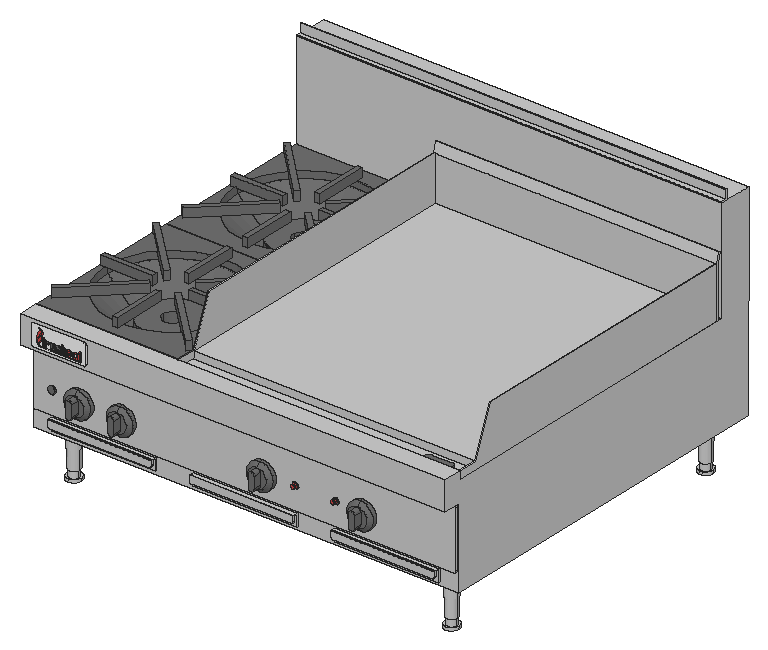
Revit family "QF_COMCATER ALL BRANDS_RCT9-2-6G", category Specialty Equipment, Revit 2014
Parameters (values of type "RCT9-2-6G_Natural Gas")
  URL Cutsheet = ""
  URL = ""
  Type Comments = "The Australian owned and designed* Trueheat RC Series of Gas Cooking Equipment has been developed for the restaurant and cafe market with a high quality finish, designed to fulfill the busy demands within a commercial kitchen.\r\nPowerful 24MJ/hr open burners with individual standing pilots included.\r\n100% Flame failure controls included as standard. Matt finish Euro look cast iron trivets radiate heat and design makes it easy to move pots around the surface.\r\n16mm thick steel griddle plate with 16.5MJ/hr burner per 300mm section.\r\nNote: Griddle is convertible to left hand side. Additional charges apply."
  Status [instance] = ""
  Specification by User [instance] = ""
  Specification by Manufacturer [instance] = ""
  Seismic Rating = ""
  SMACNA No = ""
  Revision Code [instance] = ""
  Nominal Gas power = 19300 W
  NAFEM Spec ID Number = ""
  Model = "RCT9-2-6G"
  Mechanical Connection Type [instance] = " "
  Masterspec = ""
  Manufacturer = "TRUEHEAT"
  Length Actual = 900 mm
  Item Number [instance] = ""
  Installed By [instance] = ""
  Identify Quantity as Lot [instance] = no
  Height Actual = 455 mm
  Gas power kW = 19.3
  Gas Size Flexible = 0 mm
  Gas Size = 19.05 mm
  Gas RI Height [instance] = 0 mm
  Gas Flow = 0.0 L/s
  Gas Connection Height [instance] = 121 mm
  Furnished By [instance] = ""
  Foodservice Equipment Identifier [instance] = yes
  Description = "2 BURNER COMBINATION MODULAR TOP"
  Depth Actual = 803 mm
  CSI MasterFormat = ""
  BTUH = 19300 W
  Assembly Code = "E1090320"
  Accessory = no
Types (2): name
  RCT9-2-6G_Natural Gas
  RCT9-2-6G_LPG
Reference planes
  plane 1 "Center (Front/Back)": y = 0
  plane 2: z = 0
  plane 3 "Center (Left/Right)": x = 0
Forms (mm)
  Extrusion 1, solid
    sketch origin (96, 0, 121) x (1, 0, 0) y (0, 1, 0)
      loop
        line (0, 0) -> (2, 0) -> (2, 2) -> (0, 2) -> (0, 0)
    from 0 to 2
Dimensions and locks
  aligned and locked: level to plane 2
Nested families
  nested 1: "QF_COMCATER ALL BRANDS_RCT9-2-6G_Natural Gas" at (0, 0, 100), type "RCT9-2-6G_Natural Gas"
    with Show Logo yes, Show Clearance yes
  nested 2: "QF_COMCATER_B05002-900" at (0, 0, 0), type "B05002-900"
    with Show Logo yes, Show Clearance yes
Connectors
  piping at (97, 2, 122), diameter 19.05, driven by "Gas Size", driven by "Gas Flow"
    settings: on Extrusion 1, index 1, connector inside diameter 609.6 mm, connector length 0 mm, flow factor 0, pipe flow 0.0 L/s, pressure drop 0.0 Pa, fitting loss kfactor 0, connector angle 0.00°, fixture units 0, engagement length 0 mm, angle of deflection 0.00°, flow configuration 1, flow direction 1, fitting loss method 0, system type 22, joint type 0, gender type 0, connector reference index -1, connector utility 0, adjustable connector no, is connector primary yes, connector description "Gas connection for 'RCT9-2-6G'"
Definition of nested family "QF_COMCATER ALL BRANDS_RCT9-2-6G_Natural Gas"
  Parameters (values of type "RCT9-2-6G_Natural Gas")
    URL = "www.comcater.com.au"
    Show Logo [instance] = yes
    Show Clearance [instance] = yes
    Model = "RCT9-2-6G"
    Manufacturer = "TRUEHEAT"
    Description = "2 BURNER COMBINATION MODULAR TOP"
    Assembly Code = "E1090320"
  Reference planes
    plane 1 "Back": y = 0
    plane 2: z = 0
    plane 3 "Left": x = 0
    plane 4 "Right": x = 900
    plane 5 "Front": y = -803
    plane 6 "Top": z = 455
  Forms (mm)
    Extrusion 1, solid
      sketch origin (0, 0, 2.5) x (0, 1, 0) y (0, 0, 1)
        loop
          line (0, 432.5) -> (-70, 432.5) -> (-70, 212.5) -> (-762.176, 212.5) -> (-762.176, 227.5) -> (-803, 227.5) -> (-803, 167.5) -> (-768, 167.5) -> (-768, -2.5) -> (0, -2.5) -> (0, 432.5)
      from 0 to 900
    Extrusion 2, solid
      sketch origin (-302.618, -768, 2.5) x (1, 0, 0) y (0, 0, 1)
        loop
          line (305.118, 160.5) -> (305.118, 40)
          arc (305.118, 40) -> (306.583, 36.464) -> (310.118, 35) r 5
          line (310.118, 35) -> (1195.118, 35)
          arc (1195.118, 35) -> (1198.654, 36.464) -> (1200.118, 40) r 5
          line (1200.118, 40) -> (1200.118, 160.5)
          arc (1200.118, 160.5) -> (1198.654, 164.036) -> (1195.118, 165.5) r 5
          line (1195.118, 165.5) -> (310.118, 165.5)
          arc (310.118, 165.5) -> (306.583, 164.036) -> (305.118, 160.5) r 5
      from 0 to 3
    Extrusion 3, solid, visible <- "Show Logo"
      sketch origin (30, -802.5, 9.763) x (1, 0, 0) y (0, 0, 1)
        loop
          line (98.5, 191.841) -> (96.5, 191.841) -> (96.5, 189.798) -> (95.026, 189.798) -> (95.026, 187.798) -> (96.5, 187.798) -> (96.5, 175.237) -> (98.5, 175.237) -> (98.5, 187.798) -> (100, 187.798) -> (100, 189.798) -> (98.5, 189.798) -> (98.5, 191.841)
        loop
          line (94, 187.798) -> (92, 187.798) -> (92, 186.56)
          arc (92, 186.56) -> (81.976, 181.518) -> (92, 176.475) r 6.28
          line (92, 176.475) -> (92, 175.237) -> (94, 175.237) -> (94, 187.798)
        loop
          arc (92, 183.592) -> (83.976, 181.518) -> (92, 179.443) r 4.28
          line (92, 179.443) -> (92, 183.592)
        loop
          line (65.446, 184.298) -> (65.446, 175.237) -> (67.446, 175.237) -> (67.446, 184.729)
          arc (67.446, 184.729) -> (64.497, 187.542) -> (60.446, 187.101) r 4.833
          line (60.446, 187.101) -> (60.446, 191.841) -> (58.446, 191.841) -> (58.446, 175.237) -> (60.446, 175.237) -> (60.446, 184.298)
          arc (60.446, 184.298) -> (62.946, 185.798) -> (65.446, 184.298) r 2.833
        loop
          arc (80.998, 181.518) -> (69.107, 184.34) -> (78.461, 176.475) r 6.28
          line (78.461, 176.475) -> (77.269, 178.081)
          arc (77.269, 178.081) -> (72.794, 177.694) -> (70.437, 181.518) r 4.28
          line (70.437, 181.518) -> (80.998, 181.518)
        loop
          arc (78.502, 183.518) -> (74.717, 185.798) -> (70.933, 183.518) r 4.28
          line (70.933, 183.518) -> (78.502, 183.518)
      from 0 to 2
    Extrusion 4, solid, visible <- "Show Logo"
      sketch origin (14.146, -802.5, 9.763) x (1, 0, 0) y (0, 0, 1)
        loop
          arc (70.804, 183.518) -> (67.02, 185.798) -> (63.236, 183.518) r 4.28
          line (63.236, 183.518) -> (70.804, 183.518)
        loop
          arc (73.3, 181.518) -> (61.409, 184.34) -> (70.764, 176.475) r 6.28
          line (70.764, 176.475) -> (69.572, 178.081)
          arc (69.572, 178.081) -> (65.096, 177.694) -> (62.74, 181.518) r 4.28
          line (62.74, 181.518) -> (73.3, 181.518)
        loop
          line (34.617, 191.841) -> (34.617, 189.798) -> (33.143, 189.798) -> (33.143, 187.798) -> (34.617, 187.798) -> (34.617, 175.237) -> (36.617, 175.237) -> (36.617, 187.798) -> (38.117, 187.798) -> (38.117, 189.798) -> (36.617, 189.798) -> (36.617, 191.841) -> (34.617, 191.841)
        loop
          arc (57.696, 178.737) -> (55.196, 177.237) -> (52.696, 178.737) r 2.833
          line (52.696, 178.737) -> (52.696, 187.798) -> (50.696, 187.798) -> (50.696, 178.307)
          arc (50.696, 178.307) -> (55.196, 175.237) -> (59.696, 178.307) r 4.833
          line (59.696, 178.307) -> (59.696, 187.798) -> (57.696, 187.798) -> (57.696, 178.737)
        loop
          line (41.117, 186.56) -> (41.117, 187.798) -> (39.117, 187.798) -> (39.117, 175.237) -> (41.117, 175.237) -> (41.117, 183.592)
          arc (41.117, 183.592) -> (44.587, 185.789) -> (48.31, 184.053) r 4.28
          line (48.31, 184.053) -> (49.735, 185.478)
          arc (49.735, 185.478) -> (45.643, 187.749) -> (41.117, 186.56) r 6.28
      from 0 to 2
    Extrusion 5, solid, visible <- "Show Logo"
      sketch origin (0, -802.5, 7.5) x (1, 0, 0) y (0, 0, 1)
        loop
          line (130, 176.5) -> (40, 176.5) -> (40, 175.5) -> (130, 175.5) -> (130, 176.5)
        loop
          arc (40, 177.5) -> (40.603, 181.061) -> (42.43, 184.177) r 10.013
          arc (42.43, 184.177) -> (44.457, 187.03) -> (45.914, 190.212) r 18.627
          arc (45.914, 190.212) -> (46.43, 193.956) -> (45.458, 197.608) r 9.58
          arc (45.458, 197.608) -> (44.352, 194.23) -> (41.979, 191.583) r 8.629
          arc (41.979, 191.583) -> (38.017, 184.959) -> (40, 177.5) r 9.924
        loop
          arc (39.054, 199.801) -> (35.351, 191.043) -> (36.701, 181.631) r 17.746
          arc (36.701, 181.631) -> (36.715, 187.191) -> (39.483, 192.014) r 10.848
          arc (39.483, 192.014) -> (42.461, 196.051) -> (44.165, 200.77) r 17.413
          arc (44.165, 200.77) -> (46.042, 199.588) -> (47.328, 197.781) r 5.718
          arc (47.328, 197.781) -> (46.772, 205.563) -> (40.995, 210.808) r 10.489
          arc (40.995, 210.808) -> (41.42, 205.059) -> (39.054, 199.801) r 11.727
      from 0 to 2
    Extrusion 6, solid, visible <- "Show Logo"
      sketch origin (0, -802, 7.5) x (1, 0, 0) y (0, 0, 1)
        loop
          line (29.373, 170.5) -> (135, 170.5)
          arc (135, 170.5) -> (138.536, 171.964) -> (140, 175.5) r 5
          line (140, 175.5) -> (140, 210.808)
          arc (140, 210.808) -> (138.536, 214.344) -> (135, 215.808) r 5
          line (135, 215.808) -> (29.373, 215.808)
          arc (29.373, 215.808) -> (25.837, 214.344) -> (24.373, 210.808) r 5
          line (24.373, 210.808) -> (24.373, 175.5)
          arc (24.373, 175.5) -> (25.837, 171.964) -> (29.373, 170.5) r 5
      from 0 to 2
    Extrusion 7, solid
      sketch origin (-3358.827, -656.5, -667.68) x (1, 0, 0) y (0, 1, 0)
        loop
          line (3503.813, 452.102) -> (3513.813, 452.102) -> (3513.813, 565.456) -> (3503.813, 565.456) -> (3503.813, 452.102)
        loop
          line (3546.914, 419) -> (3546.914, 409) -> (3656.627, 409) -> (3656.627, 419) -> (3546.914, 419)
        loop
          line (3470.712, 419) -> (3360.999, 419) -> (3360.999, 409) -> (3470.712, 409) -> (3470.712, 419)
        loop
          line (3474.8, 433.871) -> (3481.872, 440.942) -> (3367.316, 555.497) -> (3360.245, 548.426) -> (3474.8, 433.871)
        loop
          line (3535.755, 440.942) -> (3542.826, 433.871) -> (3657.381, 548.426) -> (3650.31, 555.497) -> (3535.755, 440.942)
        loop
          line (3503.813, 375.899) -> (3503.813, 262.545) -> (3513.813, 262.545) -> (3513.813, 375.899) -> (3503.813, 375.899)
        loop
          line (3474.8, 394.13) -> (3360.245, 279.574) -> (3367.316, 272.503) -> (3481.872, 387.059) -> (3474.8, 394.13)
        loop
          line (3535.755, 387.059) -> (3650.31, 272.503) -> (3657.381, 279.574) -> (3542.826, 394.13) -> (3535.755, 387.059)
      from 897.68 to 916.73
    Extrusion 8, solid
      sketch origin (-3358.827, -656.5, -662.976) x (1, 0, 0) y (0, 1, 0)
        loop
          line (3658.827, 586.5) -> (3358.827, 586.5) -> (3358.827, 241.5) -> (3658.827, 241.5) -> (3658.827, 586.5)
        loop
          circle (3508.813, 414.196) r 139
      from 877.976 to 892.976
    Revolve 9, solid
      sketch origin (196.557, 8, -489.263) x (0, 1, 0) y (0, 0, -1)
        loop
          line (-786.003, -575.513) -> (-786.003, -547.176) -> (-793.012, -547.176) -> (-801, -555.163) -> (-801, -575.513) -> (-786.003, -575.513)
        axis (-786.003, -575.513) -> (-801, -575.513)
      angle from 0 to 360
    Extrusion 10, solid
      sketch origin (569.238, -780, -1413.928) x (0.707107, 0, -0.707107) y (-0.707107, 0, -0.707107)
        loop
          line (-1328.297, -810.227) -> (-1311.344, -793.275)
          arc (-1311.344, -793.275) -> (-1311.344, -784.294) -> (-1320.325, -784.294) r 6.35
          line (-1320.325, -784.294) -> (-1337.277, -801.247)
          arc (-1337.277, -801.247) -> (-1337.277, -810.227) -> (-1328.297, -810.227) r 6.35
      from -13 to -28
    Revolve 11, solid
      sketch origin (106.557, 8, -489.263) x (0, 1, 0) y (0, 0, -1)
        loop
          line (-786.003, -575.513) -> (-786.003, -547.176) -> (-793.012, -547.176) -> (-801, -555.163) -> (-801, -575.513) -> (-786.003, -575.513)
        axis (-786.003, -575.513) -> (-801, -575.513)
      angle from 0 to 360
    Extrusion 12, solid
      sketch origin (479.238, -780, -1413.928) x (0.707107, 0, -0.707107) y (-0.707107, 0, -0.707107)
        loop
          line (-1328.297, -810.227) -> (-1311.344, -793.275)
          arc (-1311.344, -793.275) -> (-1311.344, -784.294) -> (-1320.325, -784.294) r 6.35
          line (-1320.325, -784.294) -> (-1337.277, -801.247)
          arc (-1337.277, -801.247) -> (-1337.277, -810.227) -> (-1328.297, -810.227) r 6.35
      from -13 to -28
    Extrusion 13, solid
      sketch origin (-3358.827, -173.5, -667.68) x (1, 0, 0) y (0, 1, 0)
        loop
          line (3503.813, -452.102) -> (3503.813, -565.456) -> (3513.813, -565.456) -> (3513.813, -452.102) -> (3503.813, -452.102)
        loop
          line (3546.914, -419) -> (3656.627, -419) -> (3656.627, -409) -> (3546.914, -409) -> (3546.914, -419)
        loop
          line (3470.712, -419) -> (3470.712, -409) -> (3360.999, -409) -> (3360.999, -419) -> (3470.712, -419)
        loop
          line (3474.8, -433.871) -> (3360.245, -548.426) -> (3367.316, -555.497) -> (3481.872, -440.942) -> (3474.8, -433.871)
        loop
          line (3535.755, -440.942) -> (3650.31, -555.497) -> (3657.381, -548.426) -> (3542.826, -433.871) -> (3535.755, -440.942)
        loop
          line (3503.813, -375.899) -> (3513.813, -375.899) -> (3513.813, -262.545) -> (3503.813, -262.545) -> (3503.813, -375.899)
        loop
          line (3474.8, -394.13) -> (3481.872, -387.059) -> (3367.316, -272.503) -> (3360.245, -279.574) -> (3474.8, -394.13)
        loop
          line (3535.755, -387.059) -> (3542.826, -394.13) -> (3657.381, -279.574) -> (3650.31, -272.503) -> (3535.755, -387.059)
      from 897.68 to 916.73
    Extrusion 14, solid
      sketch origin (-3358.827, -173.5, -662.976) x (1, 0, 0) y (0, 1, 0)
        loop
          line (3658.827, -586.5) -> (3658.827, -241.5) -> (3358.827, -241.5) -> (3358.827, -586.5) -> (3658.827, -586.5)
        loop
          circle (3508.813, -414.196) r 139
      from 877.976 to 892.976
    Extrusion 15, solid
      sketch origin (-1.781, -5, -680) x (1, 0, 0) y (0, 0, 1)
        loop
          circle (108.338, 766.25) r 8
      from 766 to 773.003
    Extrusion 16, solid
      sketch origin (88.219, -5, -680) x (1, 0, 0) y (0, 0, 1)
        loop
          circle (108.338, 766.25) r 8
      from 766 to 773.003
    Extrusion 17, solid
      sketch origin (182.5, -778, 2.5) x (-1, 0, 0) y (0, 0, -1)
        loop
          line (-77.5, -20) -> (-77.5, -30) -> (142.5, -30) -> (142.5, -20)
          arc (142.5, -20) -> (141.036, -16.464) -> (137.5, -15) r 5
          line (137.5, -15) -> (-72.5, -15)
          arc (-72.5, -15) -> (-76.036, -16.464) -> (-77.5, -20) r 5
      from 0 to 2
    Extrusion 18, solid
      sketch origin (182.5, -2, 2.5) x (0, 1, 0) y (0, 0, -1)
        loop
          line (-776, -30) -> (-766, -30) -> (-766, -4.971) -> (-768.029, -4.971) -> (-768.029, -27.971) -> (-776, -27.971) -> (-776, -30)
      from -77.5 to 142.5
    Extrusion 19, solid, visible <- "Show Clearance", detail levels coarse
      sketch origin (25, -2, -680) x (0, 1, 0) y (0, 0, 1)
        loop
          line (-768.029, 687.471) -> (-768.029, 712.5) -> (-1199, 712.5) -> (-1199, 687.471) -> (-768.029, 687.471)
      from 15 to 235
    Blend 20, void
      base sketch origin (-302.618, 0, -35) x (1, 0, 0) y (0, 1, 0)
        loop
          circle (451.186, -242.304) r 70
      top sketch origin (-302.618, 0, 0) x (1, 0, 0) y (0, 1, 0)
        loop
          circle (451.186, -242.304) r 140
      from 185 to 215
    Blend 21, void
      base sketch origin (-302.618, -345.392, -35) x (1, 0, 0) y (0, 1, 0)
        loop
          circle (451.186, -242.304) r 70
      top sketch origin (-302.618, -345.392, 0) x (1, 0, 0) y (0, 1, 0)
        loop
          circle (451.186, -242.304) r 140
      from 185 to 215
    Extrusion 22, solid
      sketch origin (-301.2, 0, 150) x (1, 0, 0) y (0, 1, 0)
        loop
          circle (451.186, -242.304) r 65
        loop
          circle (451.186, -242.304) r 20
      from 0 to 30
    Extrusion 23, solid
      sketch origin (-301.2, -345, 150) x (1, 0, 0) y (0, 1, 0)
        loop
          circle (451.186, -242.304) r 65
        loop
          circle (451.186, -242.304) r 20
      from 0 to 30
    Extrusion 24, solid
      sketch origin (0, -23, 0) x (0, 1, 0) y (0, 0, 1)
        loop
          line (-47, 435) -> (-35, 435) -> (-35, 455) -> (-37, 455) -> (-37, 437) -> (-47, 437) -> (-47, 435)
      from 0 to 900
    Extrusion 25, solid
      sketch origin (96, 10, -828) x (1, 0, 0) y (0, 0, 1)
        loop
          circle (0, 850) r 9.3
      from 0 to 10
    Extrusion 26, solid
      sketch origin (0, -771, -680) x (1, 0, 0) y (0, 0, 1)
        loop
          circle (42.5, 766.25) r 7.5
      from 0 to 2
    Sweep 27, solid
      path origin (-301.2, 0, -680) x (1, 0, 0) y (0, 1, 0)
        loop
          circle (451.186, -587.5) r 139
      profile origin (149.986, -448.5, -680) x (0, -1, 0) y (0, 0, 1)
        loop
          line (-0.987, 895) -> (69.013, 830) -> (70.013, 830) -> (71.013, 830) -> (1.013, 895) -> (-0.987, 895)
    Sweep 28, solid
      path origin (-301.2, 345.392, -680) x (1, 0, 0) y (0, 1, 0)
        loop
          circle (451.186, -587.5) r 139
      profile origin (149.986, -103.108, -680) x (0, -1, 0) y (0, 0, 1)
        loop
          line (-0.987, 895) -> (69.013, 830) -> (70.013, 830) -> (71.013, 830) -> (1.013, 895) -> (-0.987, 895)
    Extrusion 29, solid, visible <- "Show Clearance", detail levels coarse
      sketch origin (0, 0, 0) x (1, 0, 0) y (0, 1, 0)
        loop
          line (1050, 150) -> (-150, 150) -> (-150, -803) -> (0, -803) -> (0, 0) -> (900, 0) -> (900, -803) -> (1050, -803) -> (1050, 150)
      from 0 to 455
    Extrusion 30, solid
      sketch origin (300, 0, 2.5) x (0, 1, 0) y (0, 0, 1)
        loop
          line (-77.071, 341.25) -> (-82.176, 322.195) -> (-82.176, 212.5) -> (-80.176, 212.5) -> (-80.176, 321.931) -> (-75, 341.25) -> (-77.071, 341.25)
      from 0 to 600
    Extrusion 31, solid
      sketch origin (300, 0, 2.5) x (0, 1, 0) y (0, 0, 1)
        loop
          line (-82.176, 322.195) -> (-682.176, 322.195) -> (-722.176, 227.5) -> (-762.176, 227.5) -> (-762.176, 212.5) -> (-82.176, 212.5) -> (-82.176, 322.195)
      from 0 to 2
    Extrusion 32, solid
      sketch origin (898, 0, 2.5) x (0, 1, 0) y (0, 0, 1)
        loop
          line (-82.176, 322.195) -> (-682.176, 322.195) -> (-722.176, 227.5) -> (-762.176, 227.5) -> (-762.176, 212.5) -> (-82.176, 212.5) -> (-82.176, 322.195)
      from 0 to 2
    Extrusion 33, solid
      sketch origin (295.5, -360, -12.5) x (1, 0, 0) y (0, 0, 1)
        loop
          line (6.5, 227.5) -> (602.5, 227.5) -> (602.5, 242.5) -> (6.5, 242.5) -> (6.5, 227.5)
      from -277.824 to 362.176
    Extrusion 34, solid
      sketch origin (480.5, 20, 215) x (1, 0, 0) y (0, 1, 0)
        loop
          line (377.5, -752.176) -> (337.5, -752.176)
          arc (337.5, -752.176) -> (327.5, -762.176) -> (337.5, -772.176) r 10
          line (337.5, -772.176) -> (377.5, -772.176)
          arc (377.5, -772.176) -> (387.5, -762.176) -> (377.5, -752.176) r 10
      from 0 to 2
    Revolve 35, solid
      sketch origin (557.5, -5.011, -56.377) x (0, 1, 0) y (0, 0, 1)
        loop
          line (-763, 142.627) -> (-763, 150.127) -> (-765.011, 150.127) -> (-767, 146.627) -> (-767, 142.627) -> (-763, 142.627)
        axis (-767, 142.627) -> (-763, 142.627)
      angle from 0 to 360
    Extrusion 36, solid
      sketch origin (557.5, -5.011, -56.377) x (1, 0, 0) y (0, 0, 1)
        loop
          circle (0, 142.627) r 4
      from 772.997 to 767
    Revolve 37, solid
      sketch origin (493.443, 8, -489.263) x (0, 1, 0) y (0, 0, 1)
        loop
          line (-786.003, 575.513) -> (-801, 575.513) -> (-801, 555.163) -> (-793.012, 547.176) -> (-786.003, 547.176) -> (-786.003, 575.513)
        axis (-786.003, 575.513) -> (-801, 575.513)
      angle from 0 to 360
    Extrusion 38, solid
      sketch origin (120.762, -780, -1413.928) x (-0.707107, 0, -0.707107) y (-0.707107, 0, 0.707107)
        loop
          arc (-1328.297, 810.227) -> (-1337.277, 810.227) -> (-1337.277, 801.247) r 6.35
          line (-1337.277, 801.247) -> (-1320.325, 784.294)
          arc (-1320.325, 784.294) -> (-1311.344, 784.294) -> (-1311.344, 793.275) r 6.35
          line (-1311.344, 793.275) -> (-1328.297, 810.227)
      from -13 to -28
    Extrusion 39, solid
      sketch origin (601.781, -5, -680) x (-1, 0, 0) y (0, 0, -1)
        loop
          circle (108.338, -766.25) r 8
      from 766 to 773.003
    Extrusion 40, solid
      sketch origin (417.5, -778, 2.5) x (1, 0, 0) y (0, 0, 1)
        loop
          arc (-77.5, 20) -> (-76.036, 16.464) -> (-72.5, 15) r 5
          line (-72.5, 15) -> (137.5, 15)
          arc (137.5, 15) -> (141.036, 16.464) -> (142.5, 20) r 5
          line (142.5, 20) -> (142.5, 30) -> (-77.5, 30) -> (-77.5, 20)
      from 0 to 2
    Extrusion 41, solid
      sketch origin (417.5, -2, 2.5) x (0, 1, 0) y (0, 0, 1)
        loop
          line (-776, 30) -> (-776, 27.971) -> (-768.029, 27.971) -> (-768.029, 4.971) -> (-766, 4.971) -> (-766, 30) -> (-776, 30)
      from -77.5 to 142.5
    Extrusion 42, solid, visible <- "Show Clearance", detail levels coarse
      sketch origin (575, -2, -680) x (0, 1, 0) y (0, 0, -1)
        loop
          line (-768.029, -687.471) -> (-1194, -687.471) -> (-1194, -712.5) -> (-768.029, -712.5) -> (-768.029, -687.471)
      from 15 to 235
    Extrusion 43, solid
      sketch origin (717.5, -778, 2.5) x (1, 0, 0) y (0, 0, 1)
        loop
          arc (-77.5, 20) -> (-76.036, 16.464) -> (-72.5, 15) r 5
          line (-72.5, 15) -> (137.5, 15)
          arc (137.5, 15) -> (141.036, 16.464) -> (142.5, 20) r 5
          line (142.5, 20) -> (142.5, 30) -> (-77.5, 30) -> (-77.5, 20)
      from 0 to 2
    Extrusion 44, solid
      sketch origin (717.5, -2, 2.5) x (0, 1, 0) y (0, 0, 1)
        loop
          line (-776, 30) -> (-776, 27.971) -> (-768.029, 27.971) -> (-768.029, 4.971) -> (-766, 4.971) -> (-766, 30) -> (-776, 30)
      from -77.5 to 142.5
    Extrusion 45, solid, visible <- "Show Clearance", detail levels coarse
      sketch origin (875, -2, -680) x (0, 1, 0) y (0, 0, -1)
        loop
          line (-768.029, -687.471) -> (-1199, -687.471) -> (-1199, -712.5) -> (-768.029, -712.5) -> (-768.029, -687.471)
      from 15 to 235
    Revolve 46, solid
      sketch origin (642, -5.011, -56.377) x (0, 1, 0) y (0, 0, -1)
        loop
          line (-763, -142.627) -> (-767, -142.627) -> (-767, -146.627) -> (-765.011, -150.127) -> (-763, -150.127) -> (-763, -142.627)
        axis (-767, -142.627) -> (-763, -142.627)
      angle from 0 to 360
    Extrusion 47, solid
      sketch origin (642, -5.011, -56.377) x (-1, 0, 0) y (0, 0, -1)
        loop
          circle (0, -142.627) r 4
      from 772.997 to 767
    Revolve 48, solid
      sketch origin (706.057, 8, -489.263) x (0, 1, 0) y (0, 0, -1)
        loop
          line (-786.003, -575.513) -> (-786.003, -547.176) -> (-793.012, -547.176) -> (-801, -555.163) -> (-801, -575.513) -> (-786.003, -575.513)
        axis (-786.003, -575.513) -> (-801, -575.513)
      angle from 0 to 360
    Extrusion 49, solid
      sketch origin (1078.738, -780, -1413.928) x (0.707107, 0, -0.707107) y (-0.707107, 0, -0.707107)
        loop
          line (-1328.297, -810.227) -> (-1311.344, -793.275)
          arc (-1311.344, -793.275) -> (-1311.344, -784.294) -> (-1320.325, -784.294) r 6.35
          line (-1320.325, -784.294) -> (-1337.277, -801.247)
          arc (-1337.277, -801.247) -> (-1337.277, -810.227) -> (-1328.297, -810.227) r 6.35
      from -13 to -28
    Extrusion 50, solid
      sketch origin (597.719, -5, -680) x (1, 0, 0) y (0, 0, 1)
        loop
          circle (108.338, 766.25) r 8
      from 766 to 773.003
  Cuts and joins
    Blend 20, Blend 21 cuts Extrusion 1
  Lines and regions (mm)
    symbolic lines, style "200-EquipBorder-2D"
      curve 1: line (0, 0, 0) -> (900, 0, 0)
      curve 2: line (900, -803, 0) -> (0, -803, 0)
      curve 6: line (0, 0, 0) -> (0, -803, 0)
      curve 7: line (900, -803, 0) -> (900, 0, 0)
      curve 106: line (86.7, 10, 0) -> (105.3, 10, 0)
      curve 107: line (105.3, 10, 0) -> (105.3, 0, 0)
      curve 108: line (86.7, 10, 0) -> (86.7, 0, 0)
      curve 133: line (0, -70, 0) -> (900, -70, 0)
    symbolic lines, style "QF_Door-Drawer Clearances", visible <- "Show Clearance"
      curve 3: line (260, -1201, 0) -> (260, -803, 0)
      curve 4: line (40, -1201, 0) -> (260, -1201, 0)
      curve 5: line (40, -1201, 0) -> (40, -803, 0)
      curve 115: line (560, -1196, 0) -> (560, -803, 0)
      curve 116: line (340, -1196, 0) -> (560, -1196, 0)
      curve 117: line (340, -1196, 0) -> (340, -803, 0)
      curve 126: line (860, -1201, 0) -> (860, -803, 0)
      curve 127: line (640, -1201, 0) -> (860, -1201, 0)
      curve 128: line (640, -1201, 0) -> (640, -803, 0)
    symbolic lines, style "200-EquipInternal-2D"
      curve 8: line (291.483, -101.003, 0) -> (176.928, -215.558, 0)
      curve 9: line (183.999, -222.629, 0) -> (298.554, -108.074, 0)
      curve 10: line (154.986, -204.399, 0) -> (154.986, -91.045, 0)
      curve 11: line (144.986, -91.045, 0) -> (144.986, -204.399, 0)
      curve 12: line (123.044, -215.558, 0) -> (8.489, -101.003, 0)
      curve 13: line (1.418, -108.074, 0) -> (115.973, -222.629, 0)
      curve 14: line (111.885, -237.5, 0) -> (2.172, -237.5, 0)
      curve 15: line (2.172, -247.5, 0) -> (111.885, -247.5, 0)
      curve 16: line (115.973, -262.371, 0) -> (1.418, -376.926, 0)
      curve 17: line (8.489, -383.997, 0) -> (123.044, -269.442, 0)
      curve 18: line (154.986, -393.955, 0) -> (154.986, -280.601, 0)
      curve 19: line (144.986, -280.601, 0) -> (144.986, -393.955, 0)
      curve 20: line (176.928, -269.442, 0) -> (291.483, -383.997, 0)
      curve 21: line (298.554, -376.926, 0) -> (183.999, -262.371, 0)
      curve 22: line (188.087, -247.5, 0) -> (297.8, -247.5, 0)
      curve 23: line (297.8, -237.5, 0) -> (188.087, -237.5, 0)
      curve 24: line (176.928, -215.558, 0) -> (183.999, -222.629, 0)
      curve 25: line (144.986, -204.399, 0) -> (154.986, -204.399, 0)
      curve 26: line (111.885, -247.5, 0) -> (111.885, -237.5, 0)
      curve 27: line (115.973, -222.629, 0) -> (123.044, -215.558, 0)
      curve 28: line (123.044, -269.442, 0) -> (115.973, -262.371, 0)
      curve 29: line (154.986, -280.601, 0) -> (144.986, -280.601, 0)
      curve 30: line (188.087, -237.5, 0) -> (188.087, -247.5, 0)
      curve 31: line (183.999, -262.371, 0) -> (176.928, -269.442, 0)
      curve 32: line (8.489, -101.003, 0) -> (1.418, -108.074, 0)
      curve 33: line (154.986, -91.045, 0) -> (144.986, -91.045, 0)
      curve 34: line (2.172, -237.5, 0) -> (2.172, -247.5, 0)
      curve 35: line (1.418, -376.926, 0) -> (8.489, -383.997, 0)
      curve 36: line (144.986, -393.955, 0) -> (154.986, -393.955, 0)
      curve 37: line (291.483, -383.997, 0) -> (298.554, -376.926, 0)
      curve 38: line (297.8, -247.5, 0) -> (297.8, -237.5, 0)
      curve 39: line (298.554, -108.074, 0) -> (291.483, -101.003, 0)
      curve 40: arc (144.986, -177.496, 0) -> (122.756, -183.283, 0) -> (103.926, -196.44, 0) r 65
      curve 41: arc (97.418, -204.074, 0) -> (88.958, -219.932, 0) -> (85.164, -237.5, 0) r 65
      curve 42: arc (154.986, -177.496, 0) -> (177.217, -183.283, 0) -> (196.046, -196.44, 0) r 65
      curve 43: arc (202.555, -204.074, 0) -> (211.015, -219.932, 0) -> (214.808, -237.5, 0) r 65
      curve 44: circle (149.986, -242.304, 0) r 20 normal (0, 0, 1)
      curve 45: arc (144.986, -307.504, 0) -> (122.756, -301.717, 0) -> (103.926, -288.56, 0) r 65
      curve 46: arc (97.418, -280.926, 0) -> (88.958, -265.068, 0) -> (85.164, -247.5, 0) r 65
      curve 47: arc (154.986, -307.504, 0) -> (177.217, -301.717, 0) -> (196.046, -288.56, 0) r 65
      curve 48: arc (202.555, -280.926, 0) -> (211.015, -265.068, 0) -> (214.808, -247.5, 0) r 65
      curve 49: line (291.483, -446.003, 0) -> (176.928, -560.558, 0)
      curve 50: line (183.999, -567.629, 0) -> (298.554, -453.074, 0)
      curve 51: line (154.986, -549.399, 0) -> (154.986, -436.045, 0)
      curve 52: line (144.986, -436.045, 0) -> (144.986, -549.399, 0)
      curve 53: line (123.044, -560.558, 0) -> (8.489, -446.003, 0)
      curve 54: line (1.418, -453.074, 0) -> (115.973, -567.629, 0)
      curve 55: line (111.885, -582.5, 0) -> (2.172, -582.5, 0)
      curve 56: line (2.172, -592.5, 0) -> (111.885, -592.5, 0)
      curve 57: line (115.973, -607.371, 0) -> (1.418, -721.926, 0)
      curve 58: line (8.489, -728.997, 0) -> (123.044, -614.442, 0)
      curve 59: line (154.986, -738.955, 0) -> (154.986, -625.601, 0)
      curve 60: line (144.986, -625.601, 0) -> (144.986, -738.955, 0)
      curve 61: line (176.928, -614.442, 0) -> (291.483, -728.997, 0)
      curve 62: line (298.554, -721.926, 0) -> (183.999, -607.371, 0)
      curve 63: line (188.087, -592.5, 0) -> (297.8, -592.5, 0)
      curve 64: line (297.8, -582.5, 0) -> (188.087, -582.5, 0)
      curve 65: line (176.928, -560.558, 0) -> (183.999, -567.629, 0)
      curve 66: line (144.986, -549.399, 0) -> (154.986, -549.399, 0)
      curve 67: line (111.885, -592.5, 0) -> (111.885, -582.5, 0)
      curve 68: line (115.973, -567.629, 0) -> (123.044, -560.558, 0)
      curve 69: line (123.044, -614.442, 0) -> (115.973, -607.371, 0)
      curve 70: line (154.986, -625.601, 0) -> (144.986, -625.601, 0)
      curve 71: line (188.087, -582.5, 0) -> (188.087, -592.5, 0)
      curve 72: line (183.999, -607.371, 0) -> (176.928, -614.442, 0)
      curve 73: line (8.489, -446.003, 0) -> (1.418, -453.074, 0)
      curve 74: line (154.986, -436.045, 0) -> (144.986, -436.045, 0)
      curve 75: line (2.172, -582.5, 0) -> (2.172, -592.5, 0)
      curve 76: line (1.418, -721.926, 0) -> (8.489, -728.997, 0)
      curve 77: line (144.986, -738.955, 0) -> (154.986, -738.955, 0)
      curve 78: line (291.483, -728.997, 0) -> (298.554, -721.926, 0)
      curve 79: line (297.8, -592.5, 0) -> (297.8, -582.5, 0)
      curve 80: line (298.554, -453.074, 0) -> (291.483, -446.003, 0)
      curve 81: arc (144.986, -522.496, 0) -> (122.756, -528.283, 0) -> (103.926, -541.44, 0) r 65
      curve 82: arc (97.418, -549.074, 0) -> (88.958, -564.932, 0) -> (85.164, -582.5, 0) r 65
      curve 83: arc (154.986, -522.496, 0) -> (177.217, -528.283, 0) -> (196.046, -541.44, 0) r 65
      curve 84: arc (202.555, -549.074, 0) -> (211.015, -564.932, 0) -> (214.808, -582.5, 0) r 65
      curve 85: circle (149.986, -587.304, 0) r 20 normal (0, 0, 1)
      curve 86: arc (144.986, -652.504, 0) -> (122.756, -646.717, 0) -> (103.926, -633.56, 0) r 65
      curve 87: arc (97.418, -625.926, 0) -> (88.958, -610.068, 0) -> (85.164, -592.5, 0) r 65
      curve 88: arc (154.986, -652.504, 0) -> (177.217, -646.717, 0) -> (196.046, -633.56, 0) r 65
      curve 89: arc (202.555, -625.926, 0) -> (211.015, -610.068, 0) -> (214.808, -592.5, 0) r 65
      curve 90: arc (154.986, -448.786, 0) -> (205.394, -460.252, 0) -> (248.095, -489.391, 0) r 138.608
      curve 91: arc (288.7, -582.5, 0) -> (279.216, -536.666, 0) -> (255.037, -496.591, 0) r 138.797
      curve 92: arc (144.986, -448.786, 0) -> (94.578, -460.252, 0) -> (51.878, -489.391, 0) r 138.608
      curve 93: arc (11.272, -582.5, 0) -> (20.756, -536.666, 0) -> (44.935, -496.591, 0) r 138.797
      curve 94: arc (154.986, -726.214, 0) -> (205.394, -714.748, 0) -> (248.095, -685.609, 0) r 138.608
      curve 95: arc (288.7, -592.5, 0) -> (279.216, -638.334, 0) -> (255.037, -678.409, 0) r 138.797
      curve 96: arc (144.986, -726.214, 0) -> (94.578, -714.748, 0) -> (51.878, -685.609, 0) r 138.608
      curve 97: arc (11.272, -592.5, 0) -> (20.756, -638.334, 0) -> (44.935, -678.409, 0) r 138.797
      curve 98: arc (154.986, -103.394, 0) -> (205.394, -114.86, 0) -> (248.095, -143.999, 0) r 138.608
      curve 99: arc (288.7, -237.108, 0) -> (279.216, -191.274, 0) -> (255.037, -151.199, 0) r 138.797
      curve 100: arc (144.986, -103.394, 0) -> (94.578, -114.86, 0) -> (51.878, -143.999, 0) r 138.608
      curve 101: arc (11.272, -237.108, 0) -> (20.756, -191.274, 0) -> (44.935, -151.199, 0) r 138.797
      curve 102: arc (154.986, -380.821, 0) -> (205.394, -369.355, 0) -> (248.095, -340.216, 0) r 138.608
      curve 103: arc (288.7, -247.108, 0) -> (279.216, -292.941, 0) -> (255.037, -333.017, 0) r 138.797
      curve 104: arc (144.986, -380.821, 0) -> (94.578, -369.355, 0) -> (51.878, -340.216, 0) r 138.608
      curve 105: arc (11.272, -247.108, 0) -> (20.756, -292.941, 0) -> (44.935, -333.017, 0) r 138.797
      curve 112: line (300, -415, 0) -> (0, -415, 0)
      curve 113: line (900, -762.176, 0) -> (0, -762.176, 0)
      curve 114: line (0, -760, 0) -> (900, -760, 0)
      curve 118: line (858, -732.176, 0) -> (818, -732.176, 0)
      curve 119: arc (818, -732.176, 0) -> (808, -742.176, 0) -> (818, -752.176, 0) r 10
      curve 120: line (818, -752.176, 0) -> (858, -752.176, 0)
      curve 121: arc (858, -752.176, 0) -> (868, -742.176, 0) -> (858, -732.176, 0) r 10
      curve 122: line (302, -722.176, 0) -> (898, -722.176, 0)
      curve 123: line (300, -70, 0) -> (300, -760, 0)
      curve 124: line (302, -760, 0) -> (302, -82.176, 0)
      curve 125: line (898, -82.176, 0) -> (898, -760, 0)
      curve 129: line (0, -60, 0) -> (900, -60, 0)
      curve 130: line (900, -58, 0) -> (0, -58, 0)
      curve 131: line (302, -82.176, 0) -> (898, -82.176, 0)
      curve 132: line (900, -75, 0) -> (300, -75, 0)
    symbolic lines, style "QF_Clearances", visible <- "Show Clearance"
      curve 109: line (-150, -803, 0) -> (-150, 150, 0)
      curve 110: line (-150, 150, 0) -> (1050, 150, 0)
      curve 111: line (1050, 150, 0) -> (1050, -803, 0)
  Dimensions and locks
    plane 1 "Back" to plane 5 "Front" = 803 mm
    plane 6 "Top" to level = 455 mm  (x2)
    plane 3 "Left" to plane 4 "Right" = 900 mm
    plane 5 "Front" to plane 1 "Back" = 803 mm
    plane 4 "Right" to plane 3 "Left" = 900 mm
    aligned and locked: level to plane 2
  Connectors
    piping at (96, 10, 22), diameter 19
      settings: on Extrusion 25, index 1, connector inside diameter 609.6 mm, connector length 0 mm, flow factor 0, pipe flow 0.0 L/s, pressure drop 0.0 Pa, fitting loss kfactor 0, connector angle 0.00°, fixture units 0, engagement length 0 mm, angle of deflection 0.00°, flow configuration 1, flow direction 1, fitting loss method 0, system type 22, joint type 0, gender type 0, connector reference index -1, connector utility 0, adjustable connector no, is connector primary yes, connector description "Gas Inlet"
Definition of nested family "QF_COMCATER_B05002-900"
  Parameters (values of type "B05002-900")
    URL = ""
    Type Comments = ""
    Show Logo [instance] = yes
    Show Clearance [instance] = yes
    Model = "B05002"
    Manufacturer = "TRUEHEAT"
    Length Actual = 900 mm
    Height Actual = 100 mm
    Description = "ADJUSTABLE LEG FOR RCT COUNTERTOP MOUNTING 900MM"
    Depth Actual = 803 mm
    Assembly Code = "E1090320"
    Accessory = yes
  Reference planes
    plane 1 "Back": y = 0
    plane 2: z = 0
    plane 3 "Left": x = 0
    plane 4 "Right": x = 900
    plane 5 "Front": y = -803
    plane 6 "Top": z = 100
  Forms (mm)
    Revolve 1, solid
      sketch origin (0, -50, 0) x (1, 0, 0) y (0, 0, 1)
        loop
          line (50, 0) -> (65.5, 0) -> (65.5, 5) -> (60, 5) -> (60, 20) -> (62, 20) -> (63.5, 95) -> (65.5, 95) -> (65.5, 100) -> (50, 100) -> (50, 0)
        axis (50, 0) -> (50, 100)
      angle from 0 to 360
    Revolve 2, solid
      sketch origin (0, -723, 0) x (1, 0, 0) y (0, 0, -1)
        loop
          line (50, 0) -> (50, -100) -> (65.5, -100) -> (65.5, -95) -> (63.5, -95) -> (62, -20) -> (60, -20) -> (60, -5) -> (65.5, -5) -> (65.5, 0) -> (50, 0)
        axis (50, 0) -> (50, -100)
      angle from 0 to 360
    Revolve 3, solid
      sketch origin (900, -50, 0) x (-1, 0, 0) y (0, 0, -1)
        loop
          line (50, 0) -> (50, -100) -> (65.5, -100) -> (65.5, -95) -> (63.5, -95) -> (62, -20) -> (60, -20) -> (60, -5) -> (65.5, -5) -> (65.5, 0) -> (50, 0)
        axis (50, 0) -> (50, -100)
      angle from 0 to 360
    Revolve 4, solid
      sketch origin (900, -723, 0) x (-1, 0, 0) y (0, 0, 1)
        loop
          line (50, 0) -> (65.5, 0) -> (65.5, 5) -> (60, 5) -> (60, 20) -> (62, 20) -> (63.5, 95) -> (65.5, 95) -> (65.5, 100) -> (50, 100) -> (50, 0)
        axis (50, 0) -> (50, 100)
      angle from 0 to 360
  Dimensions and locks
    plane 3 "Left" to plane 4 "Right" = 900 mm
    plane 5 "Front" to plane 1 "Back" = 803 mm
    plane 6 "Top" to level = 100 mm
    aligned and locked: level to plane 2
